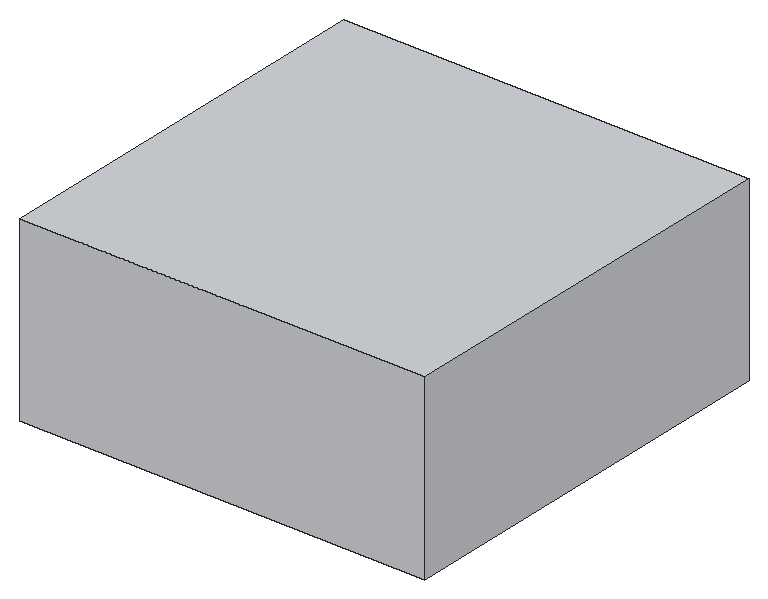
Revit family "GPC_Conduit Junction Box - Tee - Fondo- Aluminum", category Conduit Fittings, Revit 2025
Family settings
  Round Connector Dimension = Use Radius
  Part Type = Tee
  OmniClass Number = 23.80.30.17.11
  OmniClass Title = Conduits
  Work Plane-Based = No
  Always vertical = Yes
  Cut with Voids When Loaded = No
  Shared = No
Parameters (values of type "Standard")
  Width [instance] = Length  # 116 mm
  Nominal Radius 3 [instance] = 8 mm
  Nominal Radius 2 [instance] = 8 mm
  Nominal Radius 1 [instance] = 8 mm
  Nominal Diameter 3 [instance] = Nominal Radius 3 * 2  # 16 mm
  Nominal Diameter 2 [instance] = Nominal Radius 2 * 2  # 16 mm
  Nominal Diameter 1 [instance] = Nominal Radius 1 * 2  # 16 mm
  Max Nominal Diameter 13 [instance] = if(Nominal Diameter 1 > Nominal Diameter 3, Nominal Diameter 1, Nominal Diameter 3)  # 16 mm
  Max Nominal Diameter 123 [instance] = if(Max Nominal Diameter 12 > Max Nominal Diameter 13, Max Nominal Diameter 12, Max Nominal Diameter 13)  # 16 mm
  Max Nominal Diameter 12 [instance] = if(Nominal Diameter 1 > Nominal Diameter 2, Nominal Diameter 1, Nominal Diameter 2)  # 16 mm
  Height [instance] = if(not(Max Nominal Diameter 123 > 27 mm), 52 mm, if(Max Nominal Diameter 123 < 155 mm, 152 mm, Max Nominal Diameter 123 * 1.2))  # 52 mm
  Length [instance] = if(not(Max Nominal Diameter 123 > 27 mm), 116 mm, 6 * Max Nominal Diameter 123)  # 116 mm
  Default Elevation = 0 mm
Reference planes
  plane 1 "Center (Front/Back)": y = 0
  plane 2: z = 0
  plane 3 "Center (Left/Right)": x = 0
  plane 4: x = -58
  plane 5: x = 58
  plane 6: y = 58
  plane 7: y = -58
  plane 8: z = 26
  plane 9: z = -26
Forms (mm)
  Extrusion 1, solid
    sketch origin (0, 0, 0) x (1, 0, 0) y (0, 1, 0)
      loop
        line (-58, 58) -> (-58, -58) -> (58, -58) -> (58, 58) -> (-58, 58)
    from -26 to 26
Dimensions and locks
  equal spacing: plane 4, plane 3 "Center (Left/Right)", plane 5
  "Length": plane 4 to plane 5
  equal spacing: plane 6, plane 1 "Center (Front/Back)", plane 7
  "Width": plane 6 to plane 7
  equal spacing: plane 8, plane 2, plane 9
  "Height": plane 8 to plane 9
  aligned and locked: Extrusion 1 sketch curve to plane 6
  aligned and locked: plane 4 to Extrusion 1 sketch curve
  aligned and locked: plane 7 to Extrusion 1 sketch curve
  aligned and locked: Extrusion 1 sketch curve to plane 5
  aligned and locked: Extrusion 1 to plane 9
  aligned and locked: plane 8 to Extrusion 1
Connectors
  cabletrayconduit at (-58, 0, 0), diameter 16, driven by "Nominal Radius 1"
    settings: on Extrusion 1, index 1, connector width 304.8 mm, connector height 304.8 mm, connector angle 0.00°, system type 32, placement type 0, profile type 0, connector reference index 2, is primary connector yes, connector utility param no, connector description ""
  cabletrayconduit at (58, 0, 0), diameter 16, driven by "Nominal Radius 2"
    settings: on Extrusion 1, index 2, connector width 304.8 mm, connector height 304.8 mm, connector angle 0.00°, system type 32, placement type 0, profile type 0, connector reference index 1, is primary connector no, connector utility param no, connector description ""
  cabletrayconduit at (0, 0, -26), diameter 16, driven by "Nominal Radius 3"
    settings: on Extrusion 1, index 3, connector width 304.8 mm, connector height 304.8 mm, connector angle 0.00°, system type 32, placement type 0, profile type 0, connector reference index -1, is primary connector no, connector utility param no, connector description ""
